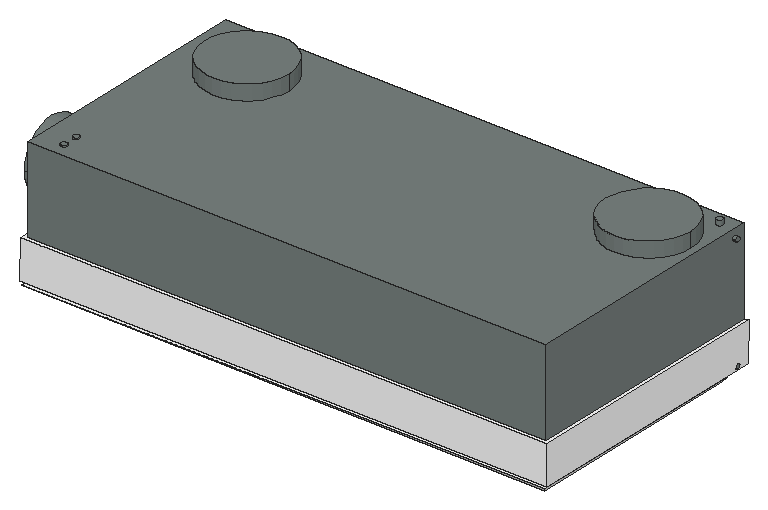
Revit family "AM 800 VTDE", category Mechanical Equipment, Revit 2019
Family settings
  Round Connector Dimension = Use Diameter
  Part Type = Normal
  OmniClass Number = 23.75.00.00
  OmniClass Title = Climate Control (HVAC)
  Work Plane-Based = No
  Always vertical = Yes
  Cut with Voids When Loaded = No
  Shared = No
  Room Calculation Point = No
Parameters
  Weight (Standard Unit) = 108  # constant formula
  Water Heater Surface Return = 10 mm  # constant formula
  Water Heater Surface IN = 10 mm  # constant formula
  URL = "www.airmaster-as.com"
  Total Width = 1910 mm  # constant formula
  Total Hight = 474 mm  # constant formula
  Top Panel [instance] = no
  T-C Duct Exhaust = 252 mm  # constant formula
  T-C Duct Supply = 252 mm  # constant formula
  Suply Air In = 315 mm  # constant formula
  Return Air Duct = 250 mm  # constant formula
  R-C Duct Exhaust = 222 mm  # constant formula
  Phase 1 - Max Power Consumption = "4035 W"
  Phase 1 - Max Current = "12 A"
  Nominal current, electrical preheating surface = "6,5 A"
  Nominal current, electrical comfort heating surface = "4,4 A"
  Nominal current, air handling unit = "1,1 A"
  Network Conection = "AWG 24 CAT 5e STP"
  Model = "AM 800 VTDE"
  Middle Panel [instance] = no
  Max. flow rate 35 dB(A) with ePM10 80% filters = 580.00 m³  # constant formula
  Max. flow rate 35 dB(A) with ePM10 55% filters = 653.00 m³  # constant formula
  Max. flow rate 35 dB(A) with ePM10 50% filters = 725.00 m³  # constant formula
  Max. flow rate 30 dB(A) with ePM10 80% filters = 520.00 m³  # constant formula
  Max. flow rate 30 dB(A) with ePM10 55% filters = 585.00 m³  # constant formula
  Max. flow rate 30 dB(A) with ePM10 50% filters = 650.00 m³  # constant formula
  Manufacturer = "Airmaster A/S"
  Maintenance [instance] = no
  L-C Duct ESupply = 255 mm  # constant formula
  Exhaust Air = 315 mm  # constant formula
  Total Depth = 916 mm  # constant formula
  Electrical connection = "1 ~ 230 V / N / PE / 50 Hz"
  Drawn By = "LSB"
  Condensate = 9 mm  # constant formula
  BMS Panel = "(PTS) 2x2x0,6"
  BMS Out = "(PTS) 2x2x0,6"
  BMS IN = "(PTS) 2x2x0,6"
  Airflow area [instance] = no
  Air flow area [instance] = Airflow
Reference planes
  plane 1 "Center (Front/Back)": y = 0
  plane 2: z = 0
  plane 3 "Center (Left/Right)": x = 0
  plane 4 "Center L/S": y = -916
  plane 5 "Center L/T": x = -955
  plane 6 "Center L/U": x = 955
  plane 7 "TOP": z = 474
  plane 8 "Center L/V": x = -940
  plane 9 "Center L/W": y = -901
  plane 10 "Center L/X": x = 940
  plane 11 "Panel Buttom": z = 23
  plane 12 "Panel Top": z = 164.5
  plane 13 "Hatch": z = 14.5
  plane 14 "Center L/Z": z = 173.414
  plane 15 "Center L/AA": z = 314.914
  plane 16 "Center L/BB": z = 324.414
  plane 17 "Center L/CC": z = 465.914
Forms (mm)
  Extrusion 1, solid, material "AM Grey"
    sketch origin (0, 0, 0) x (1, 0, 0) y (0, 1, 0)
      loop
        line (-940, 0) -> (-940, -901) -> (940, -901) -> (940, 0) -> (-940, 0)
    from 14.5 to 474
  Extrusion 2, solid, material "AM White"
    sketch origin (794.5, -1524, 23) x (0, -1, 0) y (-1, 0, 0)
      loop
        line (-1524, 1749.5) -> (-1524, 1734.5) -> (-623, 1734.5) -> (-623, -145.5) -> (-1524, -145.5) -> (-1524, -160.5) -> (-608, -160.5) -> (-608, 1749.5) -> (-1524, 1749.5)
    from 0 to -141.5
  Blend 3, solid, material "AM White"
    base sketch origin (-790.646, -1524, 14.5) x (0, -1, 0) y (1, 0, 0)
      loop
        line (-608, -157.387) -> (-608, 1738.657) -> (-1435.677, 1738.657) -> (-1435.677, -157.387) -> (-608, -157.387)
    top sketch origin (-790.646, -1524, 14.5) x (0, -1, 0) y (1, 0, 0)
      loop
        line (-623, -146.037) -> (-623, 1727.646) -> (-1424.161, 1727.646) -> (-1424.161, -146.037) -> (-623, -146.037)
    from 0 to -14.5
  Extrusion 4, void
    sketch origin (1055.25, -916, 324.414) x (1, 0, 0) y (0, 0, -1)
      loop
        line (-1717.75, -118) -> (-1627.75, -118) -> (-1627.75, -93) -> (-1717.75, -93) -> (-1717.75, -118)
      loop
        line (-1717.75, -83) -> (-1627.75, -83) -> (-1627.75, -58) -> (-1717.75, -58) -> (-1717.75, -83)
      loop
        line (-1717.75, -48) -> (-1627.75, -48) -> (-1627.75, -23) -> (-1717.75, -23) -> (-1717.75, -48)
      loop
        line (-1622.75, -118) -> (-1532.75, -118) -> (-1532.75, -93) -> (-1622.75, -93) -> (-1622.75, -118)
      loop
        line (-1622.75, -83) -> (-1532.75, -83) -> (-1532.75, -58) -> (-1622.75, -58) -> (-1622.75, -83)
      loop
        line (-1622.75, -48) -> (-1532.75, -48) -> (-1532.75, -23) -> (-1622.75, -23) -> (-1622.75, -48)
      loop
        line (-1527.75, -118) -> (-1437.75, -118) -> (-1437.75, -93) -> (-1527.75, -93) -> (-1527.75, -118)
      loop
        line (-1527.75, -83) -> (-1437.75, -83) -> (-1437.75, -58) -> (-1527.75, -58) -> (-1527.75, -83)
      loop
        line (-1527.75, -48) -> (-1437.75, -48) -> (-1437.75, -23) -> (-1527.75, -23) -> (-1527.75, -48)
      loop
        line (-1432.75, -118) -> (-1342.75, -118) -> (-1342.75, -93) -> (-1432.75, -93) -> (-1432.75, -118)
      loop
        line (-1432.75, -83) -> (-1342.75, -83) -> (-1342.75, -58) -> (-1432.75, -58) -> (-1432.75, -83)
      loop
        line (-1432.75, -48) -> (-1342.75, -48) -> (-1342.75, -23) -> (-1432.75, -23) -> (-1432.75, -48)
      loop
        line (-1337.75, -118) -> (-1247.75, -118) -> (-1247.75, -93) -> (-1337.75, -93) -> (-1337.75, -118)
      loop
        line (-1337.75, -83) -> (-1247.75, -83) -> (-1247.75, -58) -> (-1337.75, -58) -> (-1337.75, -83)
      loop
        line (-1337.75, -48) -> (-1247.75, -48) -> (-1247.75, -23) -> (-1337.75, -23) -> (-1337.75, -48)
      loop
        line (-1242.75, -118) -> (-1152.75, -118) -> (-1152.75, -93) -> (-1242.75, -93) -> (-1242.75, -118)
      loop
        line (-1242.75, -83) -> (-1152.75, -83) -> (-1152.75, -58) -> (-1242.75, -58) -> (-1242.75, -83)
      loop
        line (-1242.75, -48) -> (-1152.75, -48) -> (-1152.75, -23) -> (-1242.75, -23) -> (-1242.75, -48)
      loop
        line (-1147.75, -118) -> (-1057.75, -118) -> (-1057.75, -93) -> (-1147.75, -93) -> (-1147.75, -118)
      loop
        line (-1147.75, -83) -> (-1057.75, -83) -> (-1057.75, -58) -> (-1147.75, -58) -> (-1147.75, -83)
      loop
        line (-1147.75, -48) -> (-1057.75, -48) -> (-1057.75, -23) -> (-1147.75, -23) -> (-1147.75, -48)
      loop
        line (-1052.75, -118) -> (-962.75, -118) -> (-962.75, -93) -> (-1052.75, -93) -> (-1052.75, -118)
      loop
        line (-1052.75, -83) -> (-962.75, -83) -> (-962.75, -58) -> (-1052.75, -58) -> (-1052.75, -83)
      loop
        line (-1052.75, -48) -> (-962.75, -48) -> (-962.75, -23) -> (-1052.75, -23) -> (-1052.75, -48)
      loop
        line (-957.75, -118) -> (-867.75, -118) -> (-867.75, -93) -> (-957.75, -93) -> (-957.75, -118)
      loop
        line (-957.75, -83) -> (-867.75, -83) -> (-867.75, -58) -> (-957.75, -58) -> (-957.75, -83)
      loop
        line (-957.75, -48) -> (-867.75, -48) -> (-867.75, -23) -> (-957.75, -23) -> (-957.75, -48)
      loop
        line (-862.75, -118) -> (-772.75, -118) -> (-772.75, -93) -> (-862.75, -93) -> (-862.75, -118)
      loop
        line (-862.75, -83) -> (-772.75, -83) -> (-772.75, -58) -> (-862.75, -58) -> (-862.75, -83)
      loop
        line (-862.75, -48) -> (-772.75, -48) -> (-772.75, -23) -> (-862.75, -23) -> (-862.75, -48)
      loop
        line (-767.75, -118) -> (-677.75, -118) -> (-677.75, -93) -> (-767.75, -93) -> (-767.75, -118)
      loop
        line (-767.75, -83) -> (-677.75, -83) -> (-677.75, -58) -> (-767.75, -58) -> (-767.75, -83)
      loop
        line (-767.75, -48) -> (-677.75, -48) -> (-677.75, -23) -> (-767.75, -23) -> (-767.75, -48)
      loop
        line (-672.75, -118) -> (-582.75, -118) -> (-582.75, -93) -> (-672.75, -93) -> (-672.75, -118)
      loop
        line (-672.75, -83) -> (-582.75, -83) -> (-582.75, -58) -> (-672.75, -58) -> (-672.75, -83)
      loop
        line (-672.75, -48) -> (-582.75, -48) -> (-582.75, -23) -> (-672.75, -23) -> (-672.75, -48)
      loop
        line (-577.75, -118) -> (-487.75, -118) -> (-487.75, -93) -> (-577.75, -93) -> (-577.75, -118)
      loop
        line (-577.75, -83) -> (-487.75, -83) -> (-487.75, -58) -> (-577.75, -58) -> (-577.75, -83)
      loop
        line (-577.75, -48) -> (-487.75, -48) -> (-487.75, -23) -> (-577.75, -23) -> (-577.75, -48)
      loop
        line (-482.75, -118) -> (-392.75, -118) -> (-392.75, -93) -> (-482.75, -93) -> (-482.75, -118)
      loop
        line (-482.75, -83) -> (-392.75, -83) -> (-392.75, -58) -> (-482.75, -58) -> (-482.75, -83)
      loop
        line (-482.75, -48) -> (-392.75, -48) -> (-392.75, -23) -> (-482.75, -23) -> (-482.75, -48)
    from 0 to 15
  Extrusion 5, solid, material "AM Grey"
    sketch origin (940, 0, 0) x (0, -1, 0) y (0, 0, -1)
      loop
        circle (48.75, -36.414) r 8
    from 0 to 15
  Extrusion 6, solid, material "AM Grey"
    sketch origin (-940, -878.072, 0.549) x (0, 1, 0) y (0, 0, -1)
      loop
        arc (97.447, -426.641) -> (85.619, -415.215) -> (74.05, -426.903) r 11.7
        arc (74.05, -426.903) -> (85.881, -438.614) -> (97.447, -426.641) r 11.7
    from 0 to 2
  Extrusion 7, solid, material "AM Grey"
    sketch origin (-940, -892.224, 0.658) x (0, 1, 0) y (0, 0, -1)
      loop
        arc (56.677, -428.239) -> (46.918, -415.112) -> (33.131, -423.914) r 12
        arc (33.131, -423.914) -> (42.582, -438.717) -> (56.677, -428.239) r 12
    from 0 to 2
  Extrusion 8, solid, material "AM Grey"
    sketch origin (-1697.474, 21.256, 474) x (1, 0, 0) y (0, 1, 0)
      loop
        arc (848.662, -826.53) -> (848, -804.55) -> (847.338, -826.53) r 11
        line (847.338, -826.53) -> (848.662, -826.53)
    from 0 to 2
  Extrusion 9, solid, material "AM Grey"
    sketch origin (-1697.474, 6.881, 474) x (1, 0, 0) y (0, 1, 0)
      loop
        arc (848.662, -867.28) -> (848, -845.3) -> (847.338, -867.28) r 11
        line (847.338, -867.28) -> (848.662, -867.28)
    from 0 to 2
  Extrusion 10, solid, material "Maintenece", visible <- "Maintenance"
    sketch origin (-790.646, -1524, 0) x (1, 0, 0) y (0, -1, 0)
      loop
        line (-164.354, -1524) -> (1745.646, -1524) -> (1745.646, -608) -> (-164.354, -608) -> (-164.354, -1524)
    from 0 to 1200
  Extrusion 11, solid, material "AM Grey"
    sketch origin (0, 0, 474) x (1, 0, 0) y (0, 1, 0)
      loop
        arc (880.766, -33.956) -> (876.81, -38.388) -> (875.622, -44.209) r 11.4
        arc (875.622, -44.209) -> (897.19, -48.612) -> (880.766, -33.956) r 11.4
    from 0 to 15
  Extrusion 12, solid, material "AM Grey"
    sketch origin (940, 0, 0) x (0, -1, 0) y (0, 0, -1)
      loop
        circle (47.646, -447.784) r 8
    from 0 to 15
  Extrusion 13, solid, material "AM Grey"
    sketch origin (-940, 0, 0) x (1, 0, 0) y (0, 0, -1)
      loop
        circle (1813, -35) r 12
    from 0 to 15
  Extrusion 14, solid, material "AM White", visible <- "Middle Panel"
    sketch origin (794.5, -1524, 173.414) x (0, -1, 0) y (-1, 0, 0)
      loop
        line (-623, 1749.5) -> (-623, 1734.5) -> (-623, -145.5) -> (-1524, -145.5) -> (-1524, -160.5) -> (-608, -160.5) -> (-608, 1749.5) -> (-623, 1749.5)
    from 0 to -141.5
  Extrusion 15, solid, material "AM White", visible <- "Top Panel"
    sketch origin (794.5, -1524, 324.414) x (0, -1, 0) y (-1, 0, 0)
      loop
        line (-623, 1749.5) -> (-623, 1734.5) -> (-623, -145.5) -> (-1524, -145.5) -> (-1524, -160.5) -> (-608, -160.5) -> (-608, 1749.5) -> (-623, 1749.5)
    from 0 to -141.5
  Extrusion 16, solid, material "AM White"
    sketch origin (0, 0, 14.5) x (0, 1, 0) y (1, 0, 0)
      loop
        line (0, 940) -> (-88.323, 940) -> (-88.323, -940) -> (0, -940) -> (0, 940)
    from 0 to 3
  Extrusion 17, solid, material "AM Grey"
    sketch origin (-955, 0, 23) x (0, -1, 0) y (0, 0, 1)
      loop
        circle (699, 299) r 125
    from 0 to 58
  Extrusion 18, solid, material "AM Grey"
    sketch origin (0, 0, 474) x (1, 0, 0) y (0, 1, 0)
      loop
        circle (-700, -206) r 153.822
    from 0 to 54
  Extrusion 19, solid, material "AM Grey"
    sketch origin (1457, 0, 474) x (1, 0, 0) y (0, 1, 0)
      loop
        circle (-700, -206) r 153.822
    from 0 to 54
Cuts and joins
  Extrusion 4 cuts Extrusion 1
  Extrusion 4 cuts Extrusion 2
  Extrusion 4 cuts Extrusion 15
Dimensions and locks
  "Total Depth": plane 4 "Center L/S" to plane 1 "Center (Front/Back)"
  equal spacing: plane 5 "Center L/T", plane 3 "Center (Left/Right)", plane 6 "Center L/U"
  "Total Width": plane 5 "Center L/T" to plane 6 "Center L/U"
  "Total Hight": plane 7 "TOP" to level
  locked: plane 10 "Center L/X" to plane 6 "Center L/U" at 15
  locked: plane 4 "Center L/S" to plane 9 "Center L/W" at 15
  locked: plane 5 "Center L/T" to plane 8 "Center L/V" at 15
  Extrusion 1 to Blend 3 sketch curve = 99.839 mm
  nested 2 to cut or joined group of Extrusion 2, Extrusion 4 = 500 mm
  Extrusion 13 sketch curve to plane 5 "Center L/T" = 1828 mm
  Extrusion 13 sketch curve to plane 7 "TOP" = 439 mm
  plane 1 "Center (Front/Back)" to Extrusion 17 sketch curve = 699 mm
  plane 7 "TOP" to Extrusion 17 sketch curve = 152 mm
  plane 5 "Center L/T" to Extrusion 18 sketch curve = 255 mm
  Extrusion 18 sketch curve to plane 1 "Center (Front/Back)" = 206 mm
  cut or joined group of Extrusion 2, Extrusion 4 to Extrusion 19 sketch curve = 1712 mm
  Extrusion 19 sketch curve to plane 1 "Center (Front/Back)" = 206 mm
  "Return Air Duct": diameter of Extrusion 17 sketch curve
  aligned and locked: level to plane 2
  aligned and locked: plane 1 "Center (Front/Back)" to Extrusion 1 sketch curve
  aligned and locked: Extrusion 1 sketch curve to plane 8 "Center L/V"
  aligned and locked: Extrusion 1 sketch curve to plane 9 "Center L/W"
  aligned and locked: Extrusion 1 sketch curve to plane 10 "Center L/X"
  aligned and locked: plane 7 "TOP" to Extrusion 1
  aligned and locked: plane 5 "Center L/T" to Extrusion 2 sketch curve
  aligned and locked: plane 4 "Center L/S" to Extrusion 2 sketch curve
  aligned and locked: plane 6 "Center L/U" to Extrusion 2 sketch curve
  aligned and locked: Extrusion 2 sketch curve to Extrusion 1  (x3)
  aligned and locked: plane 1 "Center (Front/Back)" to Extrusion 2 sketch curve
  aligned and locked: Extrusion 2 to plane 12 "Panel Top"
  aligned and locked: Blend 3 to plane 2
  aligned and locked: Extrusion 1 to plane 13 "Hatch"
  aligned and locked: Extrusion 10 sketch curve to cut or joined group of Extrusion 2, Extrusion 4  (x4)
  aligned and locked: Extrusion 14 to plane 15 "Center L/AA"
  aligned and locked: Extrusion 15 to plane 17 "Center L/CC"
Automatic sketch dimensions
  plane 1 "Center (Front/Back)" to Extrusion 2 sketch curve = 0 mm
  plane 4 "Center L/S" to Blend 3 sketch curve = 0 mm
  Blend 3 sketch curve to plane 6 "Center L/U" = 6.989 mm
  plane 1 "Center (Front/Back)" to Blend 3 sketch curve = 88.323 mm
  plane 5 "Center L/T" to Blend 3 sketch curve = 6.967 mm
  Blend 3 sketch curve to plane 9 "Center L/W" = 0 mm
  plane 8 "Center L/V" to Blend 3 sketch curve = 3.316 mm
  Blend 3 sketch curve to plane 10 "Center L/X" = 3 mm
  Extrusion 4 sketch curve to Extrusion 2 = 292.5 mm
  Extrusion 4 sketch curve to Extrusion 4 sketch curve = 0 mm  (x88)
  Extrusion 4 sketch curve to Extrusion 4 sketch curve = 90 mm  (x14)
  Extrusion 4 sketch curve to Extrusion 4 sketch curve = 5 mm  (x39)
  Extrusion 2 to Extrusion 4 sketch curve = 277.914 mm  (x2)
  Extrusion 4 sketch curve to Extrusion 4 sketch curve = 25 mm  (x15)
  Extrusion 4 sketch curve to Extrusion 4 sketch curve = 10 mm  (x9)
  Extrusion 1 to Extrusion 5 sketch curve = 21.914 mm
  Extrusion 1 to Extrusion 5 sketch curve = 48.75 mm
  Extrusion 6 sketch curve to Extrusion 6 sketch curve = 0 mm  (x2)
  Extrusion 1 to Extrusion 6 sketch curve = 46.537 mm
  Extrusion 6 sketch curve to Extrusion 1 = 108.678 mm
  Extrusion 6 sketch curve to Extrusion 6 sketch curve = 11.7 mm
  Extrusion 6 sketch curve to Extrusion 6 sketch curve = 11.697 mm
  Extrusion 6 sketch curve to Extrusion 6 sketch curve = 0.011 mm
  Extrusion 7 sketch curve to Extrusion 7 sketch curve = 0 mm  (x2)
  Extrusion 7 sketch curve to Extrusion 1 = 53.526 mm
  Extrusion 1 to Extrusion 7 sketch curve = 46.428 mm
  Extrusion 7 sketch curve to Extrusion 7 sketch curve = 11.619 mm
  Extrusion 7 sketch curve to Extrusion 7 sketch curve = 11.927 mm
  Extrusion 7 sketch curve to Extrusion 7 sketch curve = 1.325 mm
  Extrusion 8 sketch curve to Extrusion 1 = 89.864 mm
  Extrusion 8 sketch curve to Extrusion 8 sketch curve = 0.662 mm
  Extrusion 8 sketch curve to Extrusion 1 = 95.726 mm
  Extrusion 8 sketch curve to Extrusion 8 sketch curve = 10.98 mm
  Extrusion 9 sketch curve to Extrusion 1 = 89.864 mm
  Extrusion 9 sketch curve to Extrusion 9 sketch curve = 0.662 mm
  Extrusion 9 sketch curve to Extrusion 1 = 40.601 mm
  Extrusion 9 sketch curve to Extrusion 9 sketch curve = 10.98 mm
  Extrusion 11 sketch curve to Extrusion 11 sketch curve = 0 mm  (x2)
  Extrusion 11 sketch curve to Extrusion 1 = 53 mm
  Extrusion 11 sketch curve to Extrusion 1 = 43.5 mm
  Extrusion 11 sketch curve to Extrusion 11 sketch curve = 6.234 mm
  Extrusion 11 sketch curve to Extrusion 11 sketch curve = 11.378 mm
  Extrusion 11 sketch curve to Extrusion 11 sketch curve = 0.709 mm
  Extrusion 1 to Extrusion 12 sketch curve = 47.646 mm
  Extrusion 1 to Extrusion 12 sketch curve = 26.216 mm
  plane 1 "Center (Front/Back)" to Extrusion 14 sketch curve = 0 mm
  Extrusion 14 sketch curve to plane 8 "Center L/V" = 0 mm  (x2)
  Extrusion 14 sketch curve to plane 9 "Center L/W" = 0 mm  (x2)
  plane 4 "Center L/S" to Extrusion 14 sketch curve = 0 mm
  Extrusion 14 sketch curve to plane 5 "Center L/T" = 0 mm
  Extrusion 14 sketch curve to plane 10 "Center L/X" = 0 mm
  Extrusion 14 sketch curve to plane 6 "Center L/U" = 0 mm
  plane 1 "Center (Front/Back)" to Extrusion 15 sketch curve = 0 mm
  Extrusion 15 sketch curve to plane 8 "Center L/V" = 0 mm  (x2)
  Extrusion 15 sketch curve to plane 9 "Center L/W" = 0 mm  (x2)
  plane 4 "Center L/S" to Extrusion 15 sketch curve = 0 mm
  Extrusion 15 sketch curve to plane 5 "Center L/T" = 0 mm
  Extrusion 15 sketch curve to plane 10 "Center L/X" = 0 mm
  Extrusion 15 sketch curve to plane 6 "Center L/U" = 0 mm
  Extrusion 16 sketch curve to Extrusion 1 = 0 mm  (x2)
  Extrusion 1 to Extrusion 16 sketch curve = 0 mm
  Extrusion 1 to Extrusion 16 sketch curve = 88.323 mm
  radius of Extrusion 5 sketch curve = 8 mm
  radius of Extrusion 12 sketch curve = 8 mm
  radius of Extrusion 13 sketch curve = 12 mm
  radius of Extrusion 18 sketch curve = 153.822 mm
  radius of Extrusion 19 sketch curve = 153.822 mm
Nested families
  nested 1: "Model Label 2019" at (0, -361.924, 0), Label <- "Model", type "Model Label 2019"
    with Label "AM 800 VTDE"
  nested 2: "indblæssymbol" at (11.742, -966, 0) x (0, -1, 0) z (0, 0, 1), type "indblæssymbol"
    with dX_ 609 mm, dX 609 mm, ang2D 0.00°
Connectors
  piping at (-942, -847.32, 426.735), diameter 10, driven by "Water Heater Surface IN"
    settings: on Extrusion 7, index 6, connector inside diameter 609.6 mm, connector length 0 mm, flow factor 0, pipe flow 0.0 L/s, pressure drop 0.0 Pa, fitting loss kfactor 0, connector angle 0.00°, fixture units 0, engagement length 0 mm, angle of deflection 0.00°, flow configuration 0, flow direction 1, fitting loss method 0, system type 7, joint type 0, gender type 0, connector reference index -1, connector utility 0, adjustable connector no, is connector primary yes, connector description ""
  piping at (-942, -792.324, 427.321), diameter 10, driven by "Water Heater Surface Return"
    settings: on Extrusion 6, index 7, connector inside diameter 609.6 mm, connector length 0 mm, flow factor 0, pipe flow 0.0 L/s, pressure drop 0.0 Pa, fitting loss kfactor 0, connector angle 0.00°, fixture units 0, engagement length 0 mm, angle of deflection 0.00°, flow configuration 0, flow direction 2, fitting loss method 0, system type 8, joint type 0, gender type 0, connector reference index -1, connector utility 0, adjustable connector no, is connector primary no, connector description ""
  piping at (-849.474, -860.399, 476), diameter 10, driven by "Water Heater Surface IN"
    settings: on Extrusion 9, index 11, connector inside diameter 609.6 mm, connector length 0 mm, flow factor 0, pipe flow 0.0 L/s, pressure drop 0.0 Pa, fitting loss kfactor 0, connector angle 0.00°, fixture units 0, engagement length 0 mm, angle of deflection 0.00°, flow configuration 0, flow direction 0, fitting loss method 0, system type 19, joint type 0, gender type 0, connector reference index -1, connector utility 0, adjustable connector no, is connector primary no, connector description ""
  piping at (-849.474, -805.274, 476), diameter 10, driven by "Water Heater Surface Return"
    settings: on Extrusion 8, index 12, connector inside diameter 609.6 mm, connector length 0 mm, flow factor 0, pipe flow 0.0 L/s, pressure drop 0.0 Pa, fitting loss kfactor 0, connector angle 0.00°, fixture units 0, engagement length 0 mm, angle of deflection 0.00°, flow configuration 0, flow direction 0, fitting loss method 0, system type 19, joint type 0, gender type 0, connector reference index -1, connector utility 0, adjustable connector no, is connector primary no, connector description ""
  electrical at (955, -47.646, 447.784)
    settings: on Extrusion 12, index 13, voltage 230 V, apparent load 0 VA, apparent load phase1 0 VA, apparent load phase2 0 VA, apparent load phase3 0 VA, power factor 0.56, load classification "Other", number of poles 1, system type 30, power factor state 1, is connector primary yes, connector utility no, sub classification motor no, connector description ""
  electrical at (878.194, -39.082, 489)
    settings: on Extrusion 11, index 14, voltage 230 V, apparent load 0 VA, apparent load phase1 0 VA, apparent load phase2 0 VA, apparent load phase3 0 VA, power factor 0.56, load classification "Other", number of poles 1, system type 30, power factor state 1, is connector primary no, connector utility no, sub classification motor no, connector description ""
  piping at (955, -48.75, 36.414), diameter 9, driven by "Condensate"
    settings: on Extrusion 5, index 15, connector inside diameter 609.6 mm, connector length 0 mm, flow factor 0, pipe flow 0.0 L/s, pressure drop 0.0 Pa, fitting loss kfactor 0, connector angle 0.00°, fixture units 0, engagement length 0 mm, angle of deflection 0.00°, flow configuration 0, flow direction 0, fitting loss method 0, system type 16, joint type 0, gender type 0, connector reference index -1, connector utility 0, adjustable connector no, is connector primary no, connector description ""
  piping at (873, 15, 35), diameter 9, driven by "Condensate"
    settings: on Extrusion 13, index 16, connector inside diameter 609.6 mm, connector length 0 mm, flow factor 0, pipe flow 0.0 L/s, pressure drop 0.0 Pa, fitting loss kfactor 0, connector angle 0.00°, fixture units 0, engagement length 0 mm, angle of deflection 0.00°, flow configuration 0, flow direction 0, fitting loss method 0, system type 16, joint type 0, gender type 0, connector reference index -1, connector utility 0, adjustable connector no, is connector primary no, connector description ""
  hvac at (-955, -699, 322), driven by "Return Air Duct"
    settings: on Extrusion 17, index 17, duct flow 0.0 L/s, flow factor 0, pres drop 0.0 Pa, loss coef 0, conn angle 0.00°, conn width 304.8 mm, conn height 304.8 mm, conn diameter 250 mm, duct sys type 2, conn prof type 0, flow config 0, flow direction 1, loss method 0, conn ref index -1, conn util no, is conn primary yes, conn desc ""
  hvac at (-700, -206, 474), driven by "Exhaust Air"
    settings: on Extrusion 18, index 20, duct flow 0.0 L/s, flow factor 0, pres drop 0.0 Pa, loss coef 0, conn angle 0.00°, conn width 304.8 mm, conn height 304.8 mm, conn diameter 315 mm, duct sys type 1, conn prof type 0, flow config 0, flow direction 0, loss method 0, conn ref index -1, conn util no, is conn primary no, conn desc ""
  hvac at (757, -206, 474), driven by "Exhaust Air"
    settings: on Extrusion 19, index 21, duct flow 0.0 L/s, flow factor 0, pres drop 0.0 Pa, loss coef 0, conn angle 0.00°, conn width 304.8 mm, conn height 304.8 mm, conn diameter 315 mm, duct sys type 3, conn prof type 0, flow config 0, flow direction 0, loss method 0, conn ref index -1, conn util no, is conn primary no, conn desc ""
Definition of nested family "Model Label 2019"
  Parameters (values of type "Model Label 2019")
    Label [instance] = ""
  Reference planes
    plane 1: y = 0
    plane 2: x = 0
  Text (mm)
    label "Label" at (-0.131, 0.049, 0), shows "Label"
Definition of nested family "indblæssymbol"
  Parameters (values of type "indblæssymbol")
    dX_ [instance] = if(dX = 0 mm, 1 mm, dX)  # 609 mm
    dX [instance] = 609 mm
    ang2D [instance] = 0.00°
    Type Comments = "DO NOT CHANGE dX value from 608 mm ( 2 ft )"
    Afstand pil = 50 mm
  Reference planes
    plane 1 "Center (Front/Back)": y = 0
    plane 2: z = 0
    plane 3 "Center (Left/Right)": x = 0
  Lines and regions (mm)
    Filled region 1, type "Concrete", in view "Ref. Level"
      outline origin (50.005, 0, 0) x (1, 0, 0) y (0, 1, 0)
        loop
          line (399.995, 0.414) -> (301.442, 17.365) -> (301.588, -17.365) -> (399.995, 0.414)
    reference lines, in view "Ref. Level"
      curve 1: line (50, 134.129, 0) -> (50, -145.871, 0)
    detail lines, in view "Ref. Level"
      curve 2: line (351.52, 0, 0) -> (50, 0, 0)
  Dimensions and locks
    "Afstand pil": plane 3 "Center (Left/Right)" to curve 1
    curve 1 to Filled region 1 = 400 mm
  Automatic sketch dimensions
    Filled region 1 sketch curve to plane 1 "Center (Front/Back)" = 0.414 mm
    plane 3 "Center (Left/Right)" to Filled region 1 sketch curve = 450 mm
    plane 1 "Center (Front/Back)" to Filled region 1 sketch curve = 17.365 mm
    Filled region 1 sketch curve to Filled region 1 sketch curve = 98.407 mm
    Filled region 1 sketch curve to plane 1 "Center (Front/Back)" = 17.365 mm
    Filled region 1 sketch curve to Filled region 1 sketch curve = 0.146 mm
    plane 1 "Center (Front/Back)" to curve 2 = 0 mm
    plane 3 "Center (Left/Right)" to curve 2 = 50 mm
    curve 2 to curve 2 = 301.52 mm
    plane 1 "Center (Front/Back)" to curve 1 = 145.871 mm
    curve 1 to plane 1 "Center (Front/Back)" = 134.129 mm
